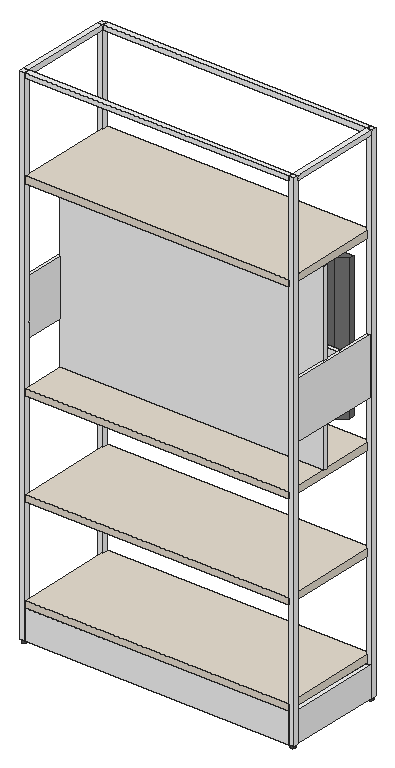
Revit family "okamura_ML1HHF_ライブス シェルフ_モニターユニット_ハイポジション用_木棚板_1200W×450D×2236H", category 家具, Revit 2017
Family settings
  OmniClass 番号 = 23.40.20.00
  OmniClass タイトル = General Furniture and Specialties
  作業面に基づく = いいえ
  常に垂直 = はい
  ロード時にボイドで切り取り = いいえ
  共有 = いいえ
  部屋計算ポイント = いいえ
Parameters (values of type "MU03（プライズウッドライト/ネオホワイト）")
  製造元 = "株式会社オカムラ"
  製品名称 [instance] = "ライブス シェルフ"  # constant formula
  製品仕様 [instance] = "モニターユニット ハイポジション用 木棚板"  # constant formula
  製品コード/色仕様 = "ML1HHF"  # constant formula
  製品コード [instance] = "ML1HHF"  # constant formula
  製品カテゴリ = "クリエイティブファニチュア"  # constant formula
  色仕様名称 [instance] = "プライズウッドライト/ネオホワイト"
  色仕様コード [instance] = "MU03"
  支柱 = okm_ZA75
  天板 = okm_MX61
  導入日 [instance] = ""
  区分 = "シェルフ"  # constant formula
  共通仕様 = ""
  備考 = ""
  シリアルNo [instance] = ""
  キーノート = "12490"
  アセンブリ コード = "E2020200"
  W = 1200.0 mm
  URL = "http://www.okamura.co.jp/"
  Product_URL = ""
  ID [instance] = ""
  H = 2236.0 mm
  D = 450.0 mm
  Copyright [instance] = "©2020.04 okamura Corp."  # constant formula
Types (15, lengths in mm): name | 色仕様名称 | 色仕様コード | 支柱 | 天板
  (no name) | "プライズウッドライト/ネオホワイト" | "MU03" | okm_ZA75 | okm_MX61
  MDY7（プライズウッドライト/ブラック） | "プライズウッドライト/ブラック" | "MDY7" | okm_Z25 | okm_MX61
  MDY8（プライズウッドミディアム/ブラック） | "プライズウッドミディアム/ブラック" | "MDY8" | okm_Z25 | okm_MX62
  MDY9（プライズウッドダーク/ブラック） | "プライズウッドダーク/ブラック" | "MDY9" | okm_Z25 | okm_MX63
  MU03（プライズウッドライト/ネオホワイト） | "プライズウッドライト/ネオホワイト" | "MU03" | okm_ZA75 | okm_MX61
  MU04（プライズウッドミディアム/ネオホワイト） | "プライズウッドミディアム/ネオホワイト" | "MU04" | okm_ZA75 | okm_MX62
  MU05（プライズウッドダーク/ネオホワイト） | "プライズウッドダーク/ネオホワイト" | "MU05" | okm_ZA75 | okm_MX63
  MGM4（ビンテージエルム/ネオホワイト） | "ビンテージエルム/ネオホワイト" | "MGM4" | okm_ZA75 | okm_MEP4
  MGM1（チョークドエルム/ネオホワイト） | "チョークドエルム/ネオホワイト" | "MGM1" | okm_ZA75 | okm_MEP1
  MGM2（ソーンオーク/ネオホワイト） | "ソーンオーク/ネオホワイト" | "MGM2" | okm_ZA75 | okm_MEP2
  MGM3（ラスティックパイン/ネオホワイト） | "ラスティックパイン/ネオホワイト" | "MGM3" | okm_ZA75 | okm_MEP3
  MGL4（ビンテージエルム/ブラック） | "ビンテージエルム/ブラック" | "MGL4" | okm_Z25 | okm_MEP4
  MGL1（チョークドエルム/ブラック） | "チョークドエルム/ブラック" | "MGL1" | okm_Z25 | okm_MEP1
  MGL2（ソーンオーク/ブラック） | "ソーンオーク/ブラック" | "MGL2" | okm_Z25 | okm_MEP2
  MGL3（ラスティックパイン/ブラック） | "ラスティックパイン/ブラック" | "MGL3" | okm_Z25 | okm_MEP3
Reference planes
  plane 1 "中心(正面/背面)": y = -100
  plane 2: z = 0
  plane 3 "中心(左/右)": x = 0
  plane 4 "左": x = -600
  plane 5 "右": x = 600
  plane 6 "背面": y = 125
  plane 7 "正面": y = -325
  plane 8 "上": z = 2236
  plane 9: z = 2215
Forms (mm)
  Extrusion 1, solid, material "okm_ZA75" <- "支柱"
    sketch origin (0, 1.25, 0) x (1, 0, 0) y (0, 1, 0)
      loop
        line (576.5, -302.75) -> (576.5, -323.75) -> (597.5, -323.75) -> (597.5, -302.75) -> (576.5, -302.75)
      loop
        line (576.5, 123.75) -> (576.5, 102.75) -> (597.5, 102.75) -> (597.5, 123.75) -> (576.5, 123.75)
      loop
        line (-576.5, -302.75) -> (-597.5, -302.75) -> (-597.5, -323.75) -> (-576.5, -323.75) -> (-576.5, -302.75)
      loop
        line (-576.5, 123.75) -> (-597.5, 123.75) -> (-597.5, 102.75) -> (-576.5, 102.75) -> (-576.5, 123.75)
    from 10 to 2236
  Extrusion 2, solid, material "okm_MX61" <- "天板"
    sketch origin (0, 1.25, -189.472) x (1, 0, 0) y (0, 1, 0)
      loop
        line (-574.5, 123.75) -> (-574.5, -323.75) -> (574.5, -323.75) -> (574.5, 123.75) -> (-574.5, 123.75)
    from 329.472 to 359.472
  Extrusion 3, solid, material "okm_ZA75" <- "支柱"
    sketch origin (0, 1.25, 0) x (1, 0, 0) y (0, 1, 0)
      loop
        line (-597.5, 102.75) -> (-597.5, -302.75) -> (-576.5, -302.75) -> (-576.5, 102.75) -> (-597.5, 102.75)
      loop
        line (597.5, 102.75) -> (576.5, 102.75) -> (576.5, -302.75) -> (597.5, -302.75) -> (597.5, 102.75)
    from 2236 to 2215
  Extrusion 4, solid, material "okm_ZA75" <- "支柱"
    sketch origin (0, 1.25, 460) x (0, -1, 0) y (1, 0, 0)
      loop
        line (-102.75, -574.5) -> (-102.75, -595.5) -> (302.75, -595.5) -> (302.75, -574.5) -> (-102.75, -574.5)
      loop
        line (-102.75, 595.5) -> (-102.75, 574.5) -> (302.75, 574.5) -> (302.75, 595.5) -> (-102.75, 595.5)
    from -320 to -450
  Extrusion 5, solid, material "okm_ZA75" <- "支柱"
    sketch origin (-200, -198.75, 460) x (-1, 0, 0) y (0, -1, 0)
      loop
        line (376.5, -300.75) -> (-776.5, -300.75) -> (-776.5, -321.75) -> (376.5, -321.75) -> (376.5, -300.75)
      loop
        line (376.5, 121.75) -> (-776.5, 121.75) -> (-776.5, 100.75) -> (376.5, 100.75) -> (376.5, 121.75)
    from -320 to -450
  Extrusion 6, solid, material "okm_G155"
    sketch origin (0, 1.25, 0) x (1, 0, 0) y (0, 1, 0)
      loop
        circle (-587, 113.25) r 10
      loop
        circle (-587, -313.25) r 10
      loop
        circle (587, 113.25) r 10
      loop
        circle (587, -313.25) r 10
    from 0 to 10
  Extrusion 7, solid, material "okm_ZA75" <- "支柱"
    sketch origin (-100, 101.25, 0) x (0, 1, 0) y (-1, 0, 0)
      loop
        line (-402.75, -676.5) -> (-402.75, 476.5) -> (-423.75, 476.5) -> (-423.75, -676.5) -> (-402.75, -676.5)
      loop
        line (23.75, -676.5) -> (23.75, 476.5) -> (2.75, 476.5) -> (2.75, -676.5) -> (23.75, -676.5)
    from 2236 to 2215
  Extrusion 8, solid, material "okm_MX61" <- "天板"
    sketch origin (0, 1.25, 2431.451) x (1, 0, 0) y (0, 1, 0)
      loop
        line (-574.5, 123.75) -> (-574.5, -323.75) -> (574.5, -323.75) -> (574.5, 123.75) -> (-574.5, 123.75)
    from -631.451 to -601.451
  Extrusion 9, solid, material "okm_ZA75" <- "支柱"
    sketch origin (0, -100, 0) x (1, 0, 0) y (0, 0, 1)
      loop
        line (-588.5, 1431) -> (-588.5, 1186) -> (-576.5, 1186) -> (-576.5, 1431) -> (-588.5, 1431)
      loop
        line (576.5, 1431) -> (576.5, 1186) -> (588.5, 1186) -> (588.5, 1431) -> (576.5, 1431)
    from -204 to 201.5
  Extrusion 10, solid, material "okm_ZA75" <- "支柱"
    sketch origin (0, 50, 0) x (0, 1, 0) y (0, 0, 1)
      loop
        line (-180.25, 1796) -> (-180.25, 1000) -> (-165.25, 1000) -> (-165.25, 1796) -> (-180.25, 1796)
      loop
        line (-102.75, 1428) -> (-102.75, 1388) -> (-86.75, 1388) -> (-86.75, 1428) -> (-102.75, 1428)
      loop
        line (-86.75, 1229) -> (-102.75, 1229) -> (-102.75, 1189) -> (-86.75, 1189) -> (-86.75, 1229)
    from -576.5 to 576.5
  Extrusion 11, solid, material "okm_MX61" <- "天板"
    sketch origin (0, 1.25, 969.472) x (0, -1, 0) y (1, 0, 0)
      loop
        line (-123.75, -574.5) -> (323.75, -574.5) -> (323.75, 574.5) -> (-123.75, 574.5) -> (-123.75, -574.5)
    from 0.528 to 30.528
  Extrusion 12, solid, material "okm_MX61" <- "天板"
    sketch origin (0, 1.25, 530.528) x (1, 0, 0) y (0, 1, 0)
      loop
        line (-574.5, 123.75) -> (-574.5, -323.75) -> (574.5, -323.75) -> (574.5, 123.75) -> (-574.5, 123.75)
    from 24.472 to 54.472
  Extrusion 13, solid, material "okm_black DK3"
    sketch origin (0, 0, 0) x (1, 0, 0) y (0, 1, 0)
      loop
        line (-548.7, 58.25) -> (-548.7, 43.25) -> (-509.6, 13.25) -> (509.6, 13.25) -> (548.7, 43.25) -> (548.7, 58.25) -> (-548.7, 58.25)
    from 1115.8 to 1743.2
  Extrusion 14, solid, material "okm_black DK3"
    sketch origin (0, 0, 0) x (0, 1, 0) y (0, 0, 1)
      loop
        line (-36.75, 1607.1) -> (-36.75, 1237.1) -> (13.25, 1237.1) -> (13.25, 1637.1) -> (-36.75, 1607.1)
    from -156.6 to 166.6
  Extrusion 15, solid, material "okm_black DK3"
    sketch origin (0, -100, 0) x (1, 0, 0) y (0, 0, 1)
      loop
        line (-548.7, 1743.2) -> (-548.7, 1115.8) -> (548.7, 1115.8) -> (548.7, 1743.2) -> (-548.7, 1743.2)
      loop
        line (-530.444, 1728.2) -> (-530.444, 1130.093) -> (530.33, 1130.093) -> (530.33, 1728.2) -> (-530.444, 1728.2)
    from -168.25 to -158.25
  Extrusion 16, solid, material "okm_DYS"
    sketch origin (0, -100, 0) x (1, 0, 0) y (0, 0, 1)
      loop
        line (-530.444, 1728.2) -> (-530.444, 1130.093) -> (530.33, 1130.093) -> (530.33, 1728.2) -> (-530.444, 1728.2)
    from -158.25 to -163.25
Cuts and joins
  joined: Extrusion 13, Extrusion 14, Extrusion 15
Lines and regions (mm)
  Masking region 1
    outline origin (0, 0, 0) x (1, 0, 0) y (0, 1, 0)
      loop
        line (-600, 125) -> (-600, -325) -> (600, -325) -> (600, 125) -> (-600, 125)
  symbolic lines, style "okm_簡略", detail levels coarse
    curve 1: line (600, 125, 0) -> (-600, 125, 0)
    curve 2: line (-600, -325, 0) -> (600, -325, 0)
    curve 3: line (-600, 125, 0) -> (-600, -325, 0)
    curve 7: line (600, 125, 0) -> (600, -325, 0)
    curve 13: line (600, 104, 0) -> (-600, 104, 0)
    curve 14: line (-600, -304, 0) -> (600, -304, 0)
    curve 15: line (-579, 125, 0) -> (-579, -325, 0)
    curve 16: line (579, -325, 0) -> (579, 125, 0)
    curve 17: line (-579, -86.75, 0) -> (579, -86.75, 0)
    curve 18: line (579, -102.75, 0) -> (-579, -102.75, 0)
    curve 21: line (-579, -230.25, 0) -> (579, -230.25, 0)
    curve 22: line (579, -215.25, 0) -> (-579, -215.25, 0)
    curve 34: line (-521.9, -6.75, 0) -> (-482.8, -36.75, 0)
    curve 35: line (-482.8, -36.75, 0) -> (482.8, -36.75, 0)
    curve 36: line (482.8, -36.75, 0) -> (521.9, -6.75, 0)
    curve 37: line (521.9, -6.75, 0) -> (521.9, 18.25, 0)
    curve 38: line (521.9, 18.25, 0) -> (-521.9, 18.25, 0)
    curve 39: line (-521.9, 18.25, 0) -> (-521.9, -6.75, 0)
    curve 40: line (-156.6, -36.75, 0) -> (-156.6, -86.75, 0)
    curve 41: line (166.6, -86.75, 0) -> (166.6, -36.75, 0)
    curve 42: line (-521.9, -6.75, 0) -> (521.9, -6.75, 0)
  symbolic lines, style "okm_標準・詳細", detail levels medium+fine
    curve 4: line (-600, 125, 0) -> (600, 125, 0)
    curve 5: line (-600, -325, 0) -> (-600, 125, 0)
    curve 6: line (600, -325, 0) -> (-600, -325, 0)
    curve 8: line (600, -325, 0) -> (600, 125, 0)
    curve 9: line (600, 104, 0) -> (-600, 104, 0)
    curve 10: line (-579, 125, 0) -> (-579, -325, 0)
    curve 11: line (-600, -304, 0) -> (600, -304, 0)
    curve 12: line (579, -325, 0) -> (579, 125, 0)
    curve 19: line (579, -86.75, 0) -> (-579, -86.75, 0)
    curve 20: line (-579, -102.75, 0) -> (579, -102.75, 0)
    curve 23: line (579, -230.25, 0) -> (-579, -230.25, 0)
    curve 24: line (-579, -215.25, 0) -> (579, -215.25, 0)
    curve 25: line (-156.6, -36.75, 0) -> (-156.6, -86.75, 0)
    curve 26: line (166.6, -86.75, 0) -> (166.6, -36.75, 0)
    curve 27: line (-482.8, -36.75, 0) -> (482.8, -36.75, 0)
    curve 28: line (-521.9, -6.75, 0) -> (-482.8, -36.75, 0)
    curve 29: line (-521.9, 18.25, 0) -> (-521.9, -6.75, 0)
    curve 30: line (521.9, 18.25, 0) -> (-521.9, 18.25, 0)
    curve 31: line (521.9, -6.75, 0) -> (521.9, 18.25, 0)
    curve 32: line (482.8, -36.75, 0) -> (521.9, -6.75, 0)
    curve 33: line (521.9, -6.75, 0) -> (-521.9, -6.75, 0)
Dimensions and locks
  equal spacing: plane 4 "左", plane 3 "中心(左/右)", plane 5 "右"
  "W": plane 4 "左" to plane 5 "右"
  equal spacing: plane 7 "正面", plane 1 "中心(正面/背面)", plane 6 "背面"
  "D": plane 7 "正面" to plane 6 "背面"
  "H": plane 8 "上" to level
  locked: plane 8 "上" to plane 9 at 21
  aligned and locked: level to plane 2
  aligned and locked: Extrusion 7 to Extrusion 1  (x4)
  aligned and locked: Extrusion 9 to Extrusion 1  (x2)
  aligned and locked: Extrusion 2 to plane 6 "背面"
Automatic sketch dimensions
  plane 1 "中心(正面/背面)" to Extrusion 10 sketch curve = 30.25 mm
  Extrusion 10 sketch curve to Extrusion 10 sketch curve = 15.0 mm
  Extrusion 10 sketch curve to plane 1 "中心(正面/背面)" = 47.25 mm  (x2)
  Extrusion 10 sketch curve to plane 1 "中心(正面/背面)" = 63.25 mm  (x2)
  level to Extrusion 10 sketch curve = 1000.0 mm
  Extrusion 10 sketch curve to Extrusion 10 sketch curve = 189.0 mm
  Extrusion 10 sketch curve to Extrusion 10 sketch curve = 40.0 mm  (x2)
  Extrusion 10 sketch curve to Extrusion 10 sketch curve = 159.0 mm
  Extrusion 10 sketch curve to Extrusion 10 sketch curve = 368.0 mm
  Extrusion 14 sketch curve to plane 1 "中心(正面/背面)" = 63.25 mm
  Extrusion 14 sketch curve to plane 9 = 607.9 mm
  Extrusion 14 sketch curve to Extrusion 14 sketch curve = 370.0 mm
  Extrusion 14 sketch curve to Extrusion 14 sketch curve = 30.0 mm
  Extrusion 14 sketch curve to Extrusion 14 sketch curve = 50.0 mm
  Masking region 1 sketch curve to plane 4 "左" = 0.0 mm
  Masking region 1 sketch curve to plane 5 "右" = 0.0 mm
  plane 7 "正面" to Masking region 1 sketch curve = 0.0 mm
  plane 6 "背面" to Masking region 1 sketch curve = 0.0 mm
  plane 6 "背面" to Extrusion 1 sketch curve = 0.0 mm  (x2)
  plane 4 "左" to Extrusion 1 sketch curve = 2.5 mm  (x2)
  Extrusion 1 sketch curve to Extrusion 1 sketch curve = 21.0 mm  (x4)
  Extrusion 1 sketch curve to plane 7 "正面" = 2.5 mm  (x2)
  Extrusion 1 sketch curve to plane 5 "右" = 23.5 mm  (x2)
  Extrusion 1 sketch curve to plane 5 "右" = 2.5 mm  (x2)
  plane 6 "背面" to Extrusion 1 sketch curve = 21.0 mm  (x2)
  plane 6 "背面" to Extrusion 2 sketch curve = 0.0 mm
  Extrusion 2 sketch curve to plane 7 "正面" = 2.5 mm
  plane 4 "左" to Extrusion 2 sketch curve = 25.5 mm
  Extrusion 2 sketch curve to plane 5 "右" = 25.5 mm
  plane 4 "左" to Extrusion 3 sketch curve = 2.5 mm
  Extrusion 3 sketch curve to Extrusion 3 sketch curve = 21.0 mm
  Extrusion 3 sketch curve to plane 5 "右" = 23.5 mm
  Extrusion 3 sketch curve to plane 5 "右" = 2.5 mm
  Extrusion 3 sketch curve to plane 7 "正面" = 23.5 mm  (x2)
  plane 6 "背面" to Extrusion 3 sketch curve = 21.0 mm  (x2)
  plane 6 "背面" to Extrusion 4 sketch curve = 21.0 mm  (x2)
  Extrusion 4 sketch curve to plane 7 "正面" = 23.5 mm  (x2)
  Extrusion 4 sketch curve to plane 5 "右" = 4.5 mm
  Extrusion 4 sketch curve to Extrusion 4 sketch curve = 21.0 mm
  plane 4 "左" to Extrusion 4 sketch curve = 25.5 mm
  plane 4 "左" to Extrusion 4 sketch curve = 4.5 mm
  Extrusion 5 sketch curve to plane 5 "右" = 23.5 mm  (x2)
  plane 4 "左" to Extrusion 5 sketch curve = 23.5 mm  (x2)
  plane 6 "背面" to Extrusion 5 sketch curve = 2.0 mm
  Extrusion 5 sketch curve to Extrusion 5 sketch curve = 21.0 mm
  Extrusion 5 sketch curve to plane 7 "正面" = 25.5 mm
  Extrusion 5 sketch curve to plane 7 "正面" = 4.5 mm
  plane 4 "左" to Extrusion 6 sketch curve = 13.0 mm  (x2)
  Extrusion 6 sketch curve to plane 5 "右" = 13.0 mm  (x2)
  Extrusion 6 sketch curve to plane 7 "正面" = 13.0 mm  (x2)
  plane 6 "背面" to Extrusion 6 sketch curve = 10.5 mm  (x2)
  plane 6 "背面" to Extrusion 7 sketch curve = 0.0 mm
  Extrusion 7 sketch curve to plane 6 "背面" = 21.0 mm
  plane 7 "正面" to Extrusion 7 sketch curve = 23.5 mm
  plane 7 "正面" to Extrusion 7 sketch curve = 2.5 mm
  Extrusion 7 sketch curve to plane 4 "左" = 23.5 mm  (x2)
  plane 5 "右" to Extrusion 7 sketch curve = 23.5 mm  (x2)
  plane 6 "背面" to Extrusion 8 sketch curve = 0.0 mm
  Extrusion 8 sketch curve to plane 7 "正面" = 2.5 mm
  plane 4 "左" to Extrusion 8 sketch curve = 25.5 mm
  Extrusion 8 sketch curve to plane 5 "右" = 25.5 mm
  plane 4 "左" to Extrusion 9 sketch curve = 11.5 mm
  Extrusion 9 sketch curve to Extrusion 9 sketch curve = 12.0 mm
  Extrusion 9 sketch curve to plane 5 "右" = 23.5 mm
  Extrusion 9 sketch curve to plane 5 "右" = 11.5 mm
  Extrusion 9 sketch curve to plane 9 = 1029.0 mm
  Extrusion 9 sketch curve to Extrusion 9 sketch curve = 0.0 mm
  Extrusion 9 sketch curve to Extrusion 9 sketch curve = 245.0 mm  (x2)
  plane 6 "背面" to Extrusion 11 sketch curve = 0.0 mm
  Extrusion 11 sketch curve to plane 7 "正面" = 2.5 mm
  plane 4 "左" to Extrusion 11 sketch curve = 25.5 mm
  Extrusion 11 sketch curve to plane 5 "右" = 25.5 mm
  plane 6 "背面" to Extrusion 12 sketch curve = 0.0 mm
  Extrusion 12 sketch curve to plane 7 "正面" = 2.5 mm
  plane 4 "左" to Extrusion 12 sketch curve = 25.5 mm
  Extrusion 12 sketch curve to plane 5 "右" = 25.5 mm
  plane 4 "左" to Extrusion 15 sketch curve = 51.3 mm
  Extrusion 15 sketch curve to Extrusion 15 sketch curve = 18.256 mm
  Extrusion 15 sketch curve to plane 5 "右" = 69.67 mm
  Extrusion 15 sketch curve to Extrusion 15 sketch curve = 18.37 mm
  Extrusion 15 sketch curve to plane 9 = 1099.2 mm
  Extrusion 15 sketch curve to Extrusion 15 sketch curve = 14.293 mm
  Extrusion 15 sketch curve to Extrusion 15 sketch curve = 598.107 mm
  Extrusion 15 sketch curve to Extrusion 15 sketch curve = 15.0 mm
  plane 4 "左" to Extrusion 16 sketch curve = 69.556 mm
  Extrusion 16 sketch curve to plane 5 "右" = 69.67 mm
  Extrusion 16 sketch curve to plane 9 = 1084.907 mm
  Extrusion 16 sketch curve to Extrusion 16 sketch curve = 598.107 mm
  curve 11 to plane 4 "左" = 0.0 mm
  plane 6 "背面" to curve 15 = 0.0 mm
  plane 7 "正面" to curve 15 = 0.0 mm
  curve 14 to plane 5 "右" = 0.0 mm
  plane 4 "左" to curve 30 = 78.1 mm
  curve 28 to curve 28 = 39.1 mm
  curve 36 to plane 5 "右" = 117.2 mm
  curve 27 to curve 31 = 39.1 mm
  curve 27 to plane 1 "中心(正面/背面)" = 63.25 mm
  curve 27 to curve 37 = 30.0 mm
  curve 28 to curve 30 = 25.0 mm
  plane 4 "左" to curve 15 = 21.0 mm
  plane 4 "左" to curve 21 = 21.0 mm
  curve 25 to plane 1 "中心(正面/背面)" = 13.25 mm
  curve 25 to plane 3 "中心(左/右)" = 156.6 mm
  curve 40 to curve 25 = 0.0 mm  (x2)
  curve 26 to plane 1 "中心(正面/背面)" = 13.25 mm
  plane 3 "中心(左/右)" to curve 26 = 166.6 mm
  curve 41 to curve 26 = 0.0 mm  (x2)
  curve 24 to plane 5 "右" = 21.0 mm
  curve 16 to curve 12 = 0.0 mm
  curve 11 to plane 7 "正面" = 21.0 mm
  curve 14 to curve 11 = 0.0 mm
  curve 11 to curve 21 = 73.75 mm
  curve 23 to curve 21 = 0.0 mm
  curve 21 to curve 24 = 15.0 mm
  curve 22 to curve 24 = 0.0 mm
  plane 1 "中心(正面/背面)" to curve 18 = 2.75 mm
  curve 20 to curve 18 = 0.0 mm
  curve 17 to plane 1 "中心(正面/背面)" = 13.25 mm
  curve 19 to curve 17 = 0.0 mm
  curve 13 to curve 1 = 21.0 mm
  curve 9 to curve 13 = 0.0 mm
  plane 4 "左" to Extrusion 13 sketch curve = 51.3 mm
  Extrusion 13 sketch curve to Extrusion 13 sketch curve = 39.1 mm
  Extrusion 13 sketch curve to plane 5 "右" = 90.4 mm
  Extrusion 13 sketch curve to plane 5 "右" = 51.3 mm
  plane 6 "背面" to Extrusion 13 sketch curve = 111.75 mm
  Extrusion 13 sketch curve to Extrusion 13 sketch curve = 30.0 mm  (x2)
  Extrusion 13 sketch curve to Extrusion 13 sketch curve = 15.0 mm
  radius of Extrusion 6 sketch curve = 10.0 mm  (x4)
